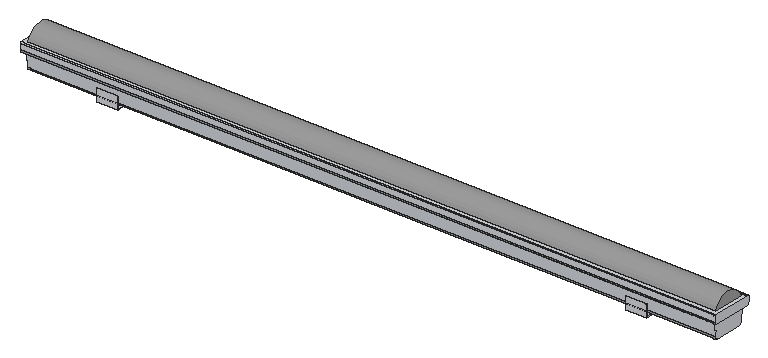
Revit family "0010271", category Lighting Fixtures, host Face, Revit 2017
Family settings
  Host = Face
  Round Connector Dimension = Use Diameter
  Part Type = Normal
  OmniClass Number = 23.80.70.00
  OmniClass Title = Lighting
  Cut with Voids When Loaded = No
  Light Source = Yes
  Shared = No
  Room Calculation Point = No
Parameters (values of type "0010271 RESISTO 1500 HE IP66 4000LM 840 EM")
  Weight = "2.51 kg"
  Wattage Comments = ""
  Wattage = 29 W
  WarrantyStartDate [instance] = "n/a"
  WarrantyGuarantorParts = "n/a"
  WarrantyDurationUnit = "n/a"
  WarrantyDurationParts = "n/a"
  WarrantyDescription = "n/a"
  WIDTH_SYL = 44.5 mm
  built-in parameter 1150110 = 1 (stored number, unit not read)
  Voltage = 0 V
  URL = "http://www.sylvania-lighting.com"
  TypeName = "Resisto 1500 HE IP66 4000lm 840 EM"
  Type Image = <None>
  Type Comments = "n/a"
  built-in parameter 1114217 = 1 (stored number, unit not read)
  Tilt Angle = -90.00°
  built-in parameter 1150109 = 1 (stored number, unit not read)
  built-in parameter 1150134 = 12
  TOP_WIDTH_SYL = 33.5 mm
  built-in parameter 1150113 = 1 (stored number, unit not read)
  SerialNumber [instance] = "n/a"
  Photometric Web File = "0010271.ies"
  Material_3_SYL = none
  PowerFactor = 0.95
  PowerConsumption = "29 W"
  NominalLength = 1500 mm
  NominalHeight = 80 mm
  NominalDepth = 87 mm
  Name = "Resisto 1500 HE IP66 4000lm 840 EM"
  ModelReference = Name  # "Resisto 1500 HE IP66 4000lm 840 EM"
  ModelNumber = "0010271"
  Model = Name  # "Resisto 1500 HE IP66 4000lm 840 EM"
  Material = "pc polycarbonate housing, pc polycarbonate diffuser"
  ManufacturerName = "Feilo Sylvania"
  Manufacturer = "Feilo Sylvania"
  MID_WIDTH_SYL = 36 mm
  LuminousEfficacy = "138 lm/W"
  built-in parameter 1150105 = 1287 (stored number, unit not read)
  Lumens = 4002 lm
  LuminaireType = ""
  built-in parameter 1150115 = 1 (stored number, unit not read)
  LightOutputRatio = "n/a"
  built-in parameter 1150137 = (empty or 0)
  built-in parameter 1150139 = (empty or 0)
  LampsType = Lamp  # "LED"
  LampNominalLuminous = "4000 lm"
  LampMacAdamStep = "3"
  LampColourTemperature = "4000 K"
  LampColourRenderingIndex = "80"
  built-in parameter 1150112 = 1 (stored number, unit not read)
  built-in parameter 1150114 = 1 (stored number, unit not read)
  Lamp = "LED"
  LENGHT_SYL = if(L1500_SYL, 742 mm, if(L1200_SYL, 592 mm, 317 mm))  # 742 mm
  LENGHT_CHAMFER_SYL = if(L1500_SYL, 750 mm, if(L1200_SYL, 600 mm, 325 mm))  # 750 mm
  LENGHT_650_SYL = 325 mm
  LENGHT-_SYL = if(L1500_SYL, -742 mm, if(L1200_SYL, -592 mm, -317 mm))  # -742 mm
  LENGHT-_CHAMFER_SYL = if(L1500_SYL, -750 mm, if(L1200_SYL, -600 mm, -325 mm))  # -750 mm
  LEGHT_650-_SYL = -325 mm
  LEGHT_1500_SYL = 750 mm
  LEGHT_1500-_SYL = -750 mm
  LEGHT_1200_SYL = 600 mm
  LEGHT_1200-_SYL = -600 mm
  L0650_SYL = no
  L1500_SYL = yes
  L1200_SYL = no
  Keynote = "16500"
  InstallationDate [instance] = "n/a"
  InputVoltage = "n/a"
  InputNominalFrequency = "n/a"
  built-in parameter 1150132 = (empty or 0)
  built-in parameter 1150102 = (empty or 0)
  built-in parameter 1150107 = 4000 (stored number, unit not read)
  built-in parameter 1150138 = (empty or 0)
  IngressProtection = "IP66"
  ImpactProtectionIndex = "IK08"
  built-in parameter 1150106 = 12.87 (stored number, unit not read)
  IfcExportType = "IfcLightFixtureType"
  IfcExportAs = "IfcLightFixtureType"
  Emit from Circle Diameter = 609.6 mm
  Emit Shape Visible in Rendering = no
  ElectricShockClassification = "Class I"
  built-in parameter 1150104 = 12.821 (stored number, unit not read)
  DocumentationLiterature = "http://www.sylvania-lighting.com/product/en-int/products/0010271"
  DimmingControlOptions = "n/a"
  Material_2_SYL = none
  Dimming Lamp Color Temperature Shift = <None>
  Description = "Resisto, integrated LED weatherproof luminaire, with UV stabilized flat diffuser designed to achieve uniform lit appearance, optimise light output and to reduce glare. 301 stainless steel diffuser clips and fixing brackets for surface mounting. Polycarbonate housing and diffuser - no yellow discolouration over time. 4000lm; 29W; 138lm/W; 4000K; SDCM<3; non dimmable; CRI80; IP66; IK08; Class I; 69,000hrs (L80B20) lifespan; 1500mm x 89mm x 88mm; D-mark; 3-hour maintained emergency batteries."
  Default Elevation = 1219.2 mm
  DIF_WIDHT_SYL = 35 mm
  DIF_HEIGHT_SYL = 24 mm
  CreatedOn = "3/10/2021"
  CreatedBy = "@sylvania-lighting.com"
  Cost = 0
  Color Filter = 16777215
  built-in parameter 1114216 [instance] = (empty or 0)
  ClassificationValue = "EF_70_80"
  ClassificationName = "Uniclass2015"
  Material_1_SYL = Default
  CHAMFER_SYL = 19 mm
  BarCode [instance] = "n/a"
  built-in parameter 1114218 = 1 (stored number, unit not read)
  BRACKET_WIDTH_SYL = BRACKET_DIST_SYL - 44 mm  # 550 mm
  BRACKET_HEIGHT_SYL = 9 mm
  BRACKET_DIST_SYL = LENGHT_CHAMFER_SYL - 156 mm  # 594 mm
  BODY_SYL = 36 mm
  built-in parameter 1150133 = 10 (stored number, unit not read)
  AssetType = "Fixed"
  AssetIdentifier [instance] = "n/a"
  Assembly Code = "D5020200"
  Apparent Load = 29 VA
  Material_4_SYL = none
Reference planes
  plane 1 "Center (Front/Back)": y = 0
  plane 2: z = 0
  plane 3 "Center (Left/Right)": x = 0
  plane 4: z = 9
  plane 5: z = 45
  plane 6: z = 64
  plane 7: z = 88
  plane 8: y = -44.5
  plane 9: y = 44.5
  plane 10: y = -35
  plane 11: y = 35
  plane 12: y = 33.5
  plane 13: y = -33.5
  plane 14: y = -36
  plane 15: y = 36
  plane 16: z = 1
Forms (mm)
  Extrusion 1, solid
    sketch origin (319, 1524, 1219.2) x (0, 1, 0) y (0, 0, 1)
      loop
        line (-1552.835, -1210.2) -> (-1495.165, -1210.2)
        arc (-1495.165, -1210.2) -> (-1491.754, -1208.856) -> (-1490.177, -1205.546) r 5
        line (-1490.177, -1205.546) -> (-1488.323, -1178.854) -> (-1488, -1174.2) -> (-1560, -1174.2) -> (-1559.677, -1178.854) -> (-1557.823, -1205.546)
        arc (-1557.823, -1205.546) -> (-1556.246, -1208.856) -> (-1552.835, -1210.2) r 5
    from -742 <- "LENGHT-_SYL" to 742 <- "LENGHT_SYL"
  Extrusion 2, solid, material "Default" <- "Material_1_SYL"
    sketch origin (319, 1524, 1219.2) x (0, 1, 0) y (0, 0, 1)
      loop
        arc (-1490.5, -1155.2) -> (-1524, -1131.2) -> (-1557.5, -1155.2) r 35.38
        line (-1557.5, -1155.2) -> (-1490.5, -1155.2)
    from -742 <- "LENGHT-_SYL" to 742 <- "LENGHT_SYL"
  Extrusion 3, solid
    sketch origin (319, 1524, 1219.2) x (0, 1, 0) y (0, 0, 1)
      loop
        line (-1481.5, -1155.2) -> (-1566.5, -1155.2)
        arc (-1566.5, -1155.2) -> (-1567.914, -1155.786) -> (-1568.5, -1157.2) r 2
        line (-1568.5, -1157.2) -> (-1568.5, -1169.2)
        arc (-1568.5, -1169.2) -> (-1567.036, -1172.736) -> (-1563.5, -1174.2) r 5
        line (-1563.5, -1174.2) -> (-1484.5, -1174.2)
        arc (-1484.5, -1174.2) -> (-1480.964, -1172.736) -> (-1479.5, -1169.2) r 5
        line (-1479.5, -1169.2) -> (-1479.5, -1157.2)
        arc (-1479.5, -1157.2) -> (-1480.086, -1155.786) -> (-1481.5, -1155.2) r 2
    from -750 <- "LENGHT-_CHAMFER_SYL" to 750 <- "LENGHT_CHAMFER_SYL"
  Extrusion 4, solid
    sketch origin (319, 1524, 1219.2) x (0, 1, 0) y (0, 0, 1)
      loop
        line (-1489, -1219.2) -> (-1489, -1192.216) -> (-1490.5, -1192.216) -> (-1490.5, -1218.2) -> (-1557.5, -1218.2) -> (-1557.5, -1192.172) -> (-1559, -1192.172) -> (-1559, -1219.2) -> (-1489, -1219.2)
    from 550 <- "BRACKET_WIDTH_SYL" to 594 <- "BRACKET_DIST_SYL"
  Extrusion 5, solid
    sketch origin (321, 1524, 1219.2) x (0, 1, 0) y (0, 0, -1)
      loop
        line (-1489, 1219.2) -> (-1559, 1219.2) -> (-1559, 1192.172) -> (-1557.5, 1192.172) -> (-1557.5, 1218.2) -> (-1490.5, 1218.2) -> (-1490.5, 1192.216) -> (-1489, 1192.216) -> (-1489, 1219.2)
    from 550 <- "BRACKET_WIDTH_SYL" to 594 <- "BRACKET_DIST_SYL"
Dimensions and locks
  "BRACKET_HEIGHT_SYL": plane 4 to host face
  "BODY_SYL": plane 4 to plane 5
  "CHAMFER_SYL": plane 5 to plane 6
  "DIF_HEIGHT_SYL": plane 6 to plane 7
  "WIDTH_SYL": plane 9 to plane 1 "Center (Front/Back)" to plane 8
  "DIF_WIDHT_SYL": plane 11 to plane 1 "Center (Front/Back)" to plane 10
  "TOP_WIDTH_SYL": plane 12 to plane 1 "Center (Front/Back)" to plane 13
  "MID_WIDTH_SYL": plane 15 to plane 1 "Center (Front/Back)" to plane 14
  aligned and locked: plane 2 to host face
  aligned and locked: level to host face
  aligned and locked: Extrusion 3 sketch curve to plane 6
  aligned and locked: Extrusion 3 sketch curve to plane 9
  aligned and locked: plane 5 to Extrusion 3 sketch curve
  aligned and locked: plane 8 to Extrusion 3 sketch curve
Automatic sketch dimensions
  host sketch curve to host sketch curve = 2438.4 mm  (x2)
  plane 5 to Extrusion 1 sketch curve = 0 mm
  Extrusion 1 sketch curve to plane 14 = 0 mm
  plane 4 to Extrusion 1 sketch curve = 0 mm
  Extrusion 1 sketch curve to plane 15 = 0 mm
  Extrusion 1 sketch curve to plane 14 = 0.323 mm
  plane 13 to Extrusion 1 sketch curve = 0.323 mm
  Extrusion 1 sketch curve to plane 13 = 4.665 mm
  plane 12 to Extrusion 1 sketch curve = 4.665 mm
  Extrusion 1 sketch curve to plane 12 = 0.323 mm
  plane 15 to Extrusion 1 sketch curve = 0.323 mm
  Extrusion 1 sketch curve to plane 4 = 4.654 mm  (x2)
  plane 5 to Extrusion 1 sketch curve = 4.654 mm  (x2)
  plane 6 to Extrusion 2 sketch curve = 0 mm
  Extrusion 2 sketch curve to plane 13 = 0 mm
  Extrusion 2 sketch curve to plane 1 "Center (Front/Back)" = 0 mm
  Extrusion 2 sketch curve to plane 5 = 7.62 mm
  Extrusion 3 sketch curve to plane 8 = 2 mm
  plane 14 to Extrusion 3 sketch curve = 3.5 mm
  Extrusion 3 sketch curve to plane 15 = 3.5 mm
  plane 6 to Extrusion 3 sketch curve = 2 mm
  Extrusion 4 sketch curve to level = 0 mm
  Extrusion 4 sketch curve to plane 10 = 0 mm
  Extrusion 4 sketch curve to plane 13 = 0 mm
  Extrusion 4 sketch curve to plane 12 = 0 mm
  Extrusion 4 sketch curve to plane 11 = 0 mm
  plane 16 to Extrusion 4 sketch curve = 0 mm
  Extrusion 4 sketch curve to plane 4 = 17.984 mm
  plane 5 to Extrusion 4 sketch curve = 17.972 mm
  Extrusion 5 sketch curve to level = 0 mm
  Extrusion 5 sketch curve to plane 10 = 0 mm
  Extrusion 5 sketch curve to plane 13 = 0 mm
  Extrusion 5 sketch curve to plane 12 = 0 mm
  Extrusion 5 sketch curve to plane 11 = 0 mm
  plane 16 to Extrusion 5 sketch curve = 0 mm
  Extrusion 5 sketch curve to plane 4 = 17.984 mm
  plane 5 to Extrusion 5 sketch curve = 17.972 mm
Connectors
  electrical at (-423, 0, 27)
    settings: on Extrusion 1, index 1, voltage 0 V, apparent load 0 VA, apparent load phase1 0 VA, apparent load phase2 0 VA, apparent load phase3 0 VA, power factor 1, load classification "Other", number of poles 1, system type 31, power factor state 1, is connector primary yes, connector utility no, sub classification motor no, connector description ""
Types (60, lengths in mm): name | Weight | Wattage | TypeName | built-in parameter 1150134 | Photometric Web File | PowerFactor | PowerConsumption | NominalLength | Name | ModelReference | ModelNumber | Model | LuminousEfficacy | built-in parameter 1150105 | Lumens | LampNominalLuminous | LampMacAdamStep | LampColourTemperature | LENGHT_SYL | LENGHT_CHAMFER_SYL | LENGHT-_SYL | LENGHT-_CHAMFER_SYL | L0650_SYL | L1500_SYL | L1200_SYL | built-in parameter 1150107 | built-in parameter 1150106 | built-in parameter 1150104 | DocumentationLiterature | Description | BRACKET_WIDTH_SYL | BRACKET_DIST_SYL | Apparent Load
  0010278 RESISTO 1500 HE IP66 8300LM 840 | "1.95 kg" | 54 W | "Resisto 1500 HE IP66 8300lm 840" | 12 | "0010278.ies" | 0.95 | "54 W" | 1500 | "Resisto 1500 HE IP66 8300lm 840" | "Resisto 1500 HE IP66 8300lm 840" | "0010278" | "Resisto 1500 HE IP66 8300lm 840" | "154 lm/W" | 2674.3 (stored number, unit not read) | 8316 lm | "8300 lm" | "3" | "4000 K" | 742 | 750 | -742 | -750 | no | yes | no | 4000 (stored number, unit not read) | 26.743 (stored number, unit not read) | 14.307 (stored number, unit not read) | "http://www.sylvania-lighting.com/product/en-int/products/0010278" | "Resisto, integrated LED weatherproof luminaire, with UV stabilized flat diffuser designed to achieve uniform lit appearance, optimise light output and to reduce glare. 301 stainless steel diffuser clips and fixing brackets for surface mounting. Polycarbonate housing and diffuser - no yellow discolouration over time. 8300lm; 54W; 154lm/W; 4000K; SDCM<3; non dimmable; CRI80; IP66; IK08; Class I; 69,000hrs (L80B20) lifespan; 1500mm x 89mm x 88mm; D-mark." | 550 | 594 | 54 VA
  0010274 RESISTO 1500 HE IP66 DALI 7100LM 840 | "2.01 kg" | 46 W | "Resisto 1500 HE IP66 DALI 7100lm 840" | 12 | "0010274.ies" | 0.98 | "46 W" | 1500 | "Resisto 1500 HE IP66 DALI 7100lm 840" | "Resisto 1500 HE IP66 DALI 7100lm 840" | "0010274" | "Resisto 1500 HE IP66 DALI 7100lm 840" | "154 lm/W" | 2362.2 (stored number, unit not read) | 7084 lm | "7100 lm" | "3" | "4000 K" | 742 | 750 | -742 | -750 | no | yes | no | 4000 (stored number, unit not read) | 23.622 (stored number, unit not read) | 14.307 (stored number, unit not read) | "http://www.sylvania-lighting.com/product/en-int/products/0010274" | "Resisto, integrated LED weatherproof luminaire, with UV stabilized flat diffuser designed to achieve uniform lit appearance, optimise light output and to reduce glare. 301 stainless steel diffuser clips and fixing brackets for surface mounting. Polycarbonate housing and diffuser - no yellow discolouration over time. 7100lm; 46W; 154lm/W; 4000K; SDCM<3; DALI dimmable; CRI80; IP66; IK08; Class I; 69,000hrs (L80B20) lifespan; 1500mm x 89mm x 88mm; D-mark." | 550 | 594 | 46 VA
  0010273 RESISTO 1500 HE IP66 DALI 4000LM 840 | "1.95 kg" | 25 W | "Resisto 1500 HE IP66 DALI 4000lm 840" | 12 | "0010273.ies" | 0.98 | "25 W" | 1500 | "Resisto 1500 HE IP66 DALI 4000lm 840" | "Resisto 1500 HE IP66 DALI 4000lm 840" | "0010273" | "Resisto 1500 HE IP66 DALI 4000lm 840" | "160 lm/W" | 1286.3 (stored number, unit not read) | 4000 lm | "4000 lm" | "3" | "4000 K" | 742 | 750 | -742 | -750 | no | yes | no | 4000 (stored number, unit not read) | 12.863 (stored number, unit not read) | 14.864 (stored number, unit not read) | "http://www.sylvania-lighting.com/product/en-int/products/0010273" | "Resisto, integrated LED weatherproof luminaire, with UV stabilized flat diffuser designed to achieve uniform lit appearance, optimise light output and to reduce glare. 301 stainless steel diffuser clips and fixing brackets for surface mounting. Polycarbonate housing and diffuser - no yellow discolouration over time. 4000lm; 25W; 160lm/W; 4000K; SDCM<3; DALI dimmable; CRI80; IP66; IK08; Class I; 69,000hrs (L80B20) lifespan; 1500mm x 89mm x 88mm; D-mark." | 550 | 594 | 25 VA
  0010272 RESISTO 1500 HE IP66 7100LM 840 EM | "2.58 kg" | 50 W | "Resisto 1500 HE IP66 7100lm 840 EM" | 12 | "0010272.ies" | 0.95 | "50 W" | 1500 | "Resisto 1500 HE IP66 7100lm 840 EM" | "Resisto 1500 HE IP66 7100lm 840 EM" | "0010272" | "Resisto 1500 HE IP66 7100lm 840 EM" | "142 lm/W" | 2367.5 (stored number, unit not read) | 7100 lm | "7100 lm" | "3" | "4000 K" | 742 | 750 | -742 | -750 | no | yes | no | 4000 (stored number, unit not read) | 23.675 (stored number, unit not read) | 13.192 (stored number, unit not read) | "http://www.sylvania-lighting.com/product/en-int/products/0010272" | "Resisto, integrated LED weatherproof luminaire, with UV stabilized flat diffuser designed to achieve uniform lit appearance, optimise light output and to reduce glare. 301 stainless steel diffuser clips and fixing brackets for surface mounting. Polycarbonate housing and diffuser - no yellow discolouration over time. 7100lm; 50W; 142lm/W; 4000K; SDCM<3; non dimmable; CRI80; IP66; IK08; Class I; 69,000hrs (L80B20) lifespan; 1500mm x 89mm x 88mm; D-mark; 3-hour maintained emergency batteries." | 550 | 594 | 50 VA
  0010271 RESISTO 1500 HE IP66 4000LM 840 EM | "2.51 kg" | 29 W | "Resisto 1500 HE IP66 4000lm 840 EM" | 12 | "0010271.ies" | 0.95 | "29 W" | 1500 | "Resisto 1500 HE IP66 4000lm 840 EM" | "Resisto 1500 HE IP66 4000lm 840 EM" | "0010271" | "Resisto 1500 HE IP66 4000lm 840 EM" | "138 lm/W" | 1287 (stored number, unit not read) | 4002 lm | "4000 lm" | "3" | "4000 K" | 742 | 750 | -742 | -750 | no | yes | no | 4000 (stored number, unit not read) | 12.87 (stored number, unit not read) | 12.821 (stored number, unit not read) | "http://www.sylvania-lighting.com/product/en-int/products/0010271" | "Resisto, integrated LED weatherproof luminaire, with UV stabilized flat diffuser designed to achieve uniform lit appearance, optimise light output and to reduce glare. 301 stainless steel diffuser clips and fixing brackets for surface mounting. Polycarbonate housing and diffuser - no yellow discolouration over time. 4000lm; 29W; 138lm/W; 4000K; SDCM<3; non dimmable; CRI80; IP66; IK08; Class I; 69,000hrs (L80B20) lifespan; 1500mm x 89mm x 88mm; D-mark; 3-hour maintained emergency batteries." | 550 | 594 | 29 VA
  0010269 RESISTO 1500 HE IP66 7100LM 840 | "1.95 kg" | 46 W | "Resisto  1500 HE IP66 7100lm 840" | 12 | "0010269.ies" | 0.95 | "46 W" | 1500 | "Resisto  1500 HE IP66 7100lm 840" | "Resisto  1500 HE IP66 7100lm 840" | "0010269" | "Resisto  1500 HE IP66 7100lm 840" | "154 lm/W" | 2362.2 (stored number, unit not read) | 7084 lm | "7100 lm" | "3" | "4000 K" | 742 | 750 | -742 | -750 | no | yes | no | 4000 (stored number, unit not read) | 23.622 (stored number, unit not read) | 14.307 (stored number, unit not read) | "http://www.sylvania-lighting.com/product/en-int/products/0010269" | "Resisto, integrated LED weatherproof luminaire, with UV stabilized flat diffuser designed to achieve uniform lit appearance, optimise light output and to reduce glare. 301 stainless steel diffuser clips and fixing brackets for surface mounting. Polycarbonate housing and diffuser - no yellow discolouration over time. 7100lm; 46W; 154lm/W; 4000K; SDCM<3; non dimmable; CRI80; IP66; IK08; Class I; 69,000hrs (L80B20) lifespan; 1500mm x 89mm x 88mm; D-mark." | 550 | 594 | 46 VA
  0010268 RESISTO 1500 HE IP66 4000LM 840 | "1.87 kg" | 25 W | "Resisto  1500 HE IP66 4000lm 840" | 12 | "0010268.ies" | 0.95 | "25 W" | 1500 | "Resisto  1500 HE IP66 4000lm 840" | "Resisto  1500 HE IP66 4000lm 840" | "0010268" | "Resisto  1500 HE IP66 4000lm 840" | "160 lm/W" | 1286.3 (stored number, unit not read) | 4000 lm | "4000 lm" | "3" | "4000 K" | 742 | 750 | -742 | -750 | no | yes | no | 4000 (stored number, unit not read) | 12.863 (stored number, unit not read) | 14.864 (stored number, unit not read) | "http://www.sylvania-lighting.com/product/en-int/products/0010268" | "Resisto, integrated LED weatherproof luminaire, with UV stabilized flat diffuser designed to achieve uniform lit appearance, optimise light output and to reduce glare. 301 stainless steel diffuser clips and fixing brackets for surface mounting. Polycarbonate housing and diffuser - no yellow discolouration over time. 4000lm; 25W; 160lm/W; 4000K; SDCM<3; non dimmable; CRI80; IP66; IK08; Class I; 69,000hrs (L80B20) lifespan; 1500mm x 89mm x 88mm; D-mark." | 550 | 594 | 25 VA
  0010261 RESISTO 1500 IP66 DALI 8300LM 840 | "2.01 kg" | 61 W | "Resisto  1500 IP66 DALI 8300lm 840" | 12 | "0010261.ies" | 0.99 | "61 W" | 1500 | "Resisto  1500 IP66 DALI 8300lm 840" | "Resisto  1500 IP66 DALI 8300lm 840" | "0010261" | "Resisto  1500 IP66 DALI 8300lm 840" | "136 lm/W" | 2792.8 (stored number, unit not read) | 8296 lm | "8300 lm" | "5" | "4000 K" | 742 | 750 | -742 | -750 | no | yes | no | 4000 (stored number, unit not read) | 27.928 (stored number, unit not read) | 12.635 (stored number, unit not read) | "http://www.sylvania-lighting.com/product/en-int/products/0010261" | "Resisto, integrated LED weatherproof luminaire, with UV stabilized flat diffuser designed to achieve uniform lit appearance, optimise light output and to reduce glare. 301 stainless steel diffuser clips and fixing brackets for surface mounting. Polycarbonate housing and diffuser - no yellow discolouration over time. 8300lm; 61W; 136lm/W; 4000K; SDCM<5; DALI dimmable; CRI80; IP66; IK08; Class I; 69,000hrs (L80B20) lifespan; 1500mm x 89mm x 88mm; D-mark." | 550 | 594 | 61 VA
  0010260 RESISTO 1500 IP66 DALI 7100LM 840 | "2.01 kg" | 52 W | "Resisto  1500 IP66 DALI 7100lm 840" | 12 | "0010260.ies" | 0.99 | "52 W" | 1500 | "Resisto  1500 IP66 DALI 7100lm 840" | "Resisto  1500 IP66 DALI 7100lm 840" | "0010260" | "Resisto  1500 IP66 DALI 7100lm 840" | "137 lm/W" | 2375.5 (stored number, unit not read) | 7124 lm | "7100 lm" | "5" | "4000 K" | 742 | 750 | -742 | -750 | no | yes | no | 4000 (stored number, unit not read) | 23.755 (stored number, unit not read) | 12.728 (stored number, unit not read) | "http://www.sylvania-lighting.com/product/en-int/products/0010260" | "Resisto, integrated LED weatherproof luminaire, with UV stabilized flat diffuser designed to achieve uniform lit appearance, optimise light output and to reduce glare. 301 stainless steel diffuser clips and fixing brackets for surface mounting. Polycarbonate housing and diffuser - no yellow discolouration over time. 7100lm; 52W; 137lm/W; 4000K; SDCM<5; DALI dimmable; CRI80; IP66; IK08; Class I; 69,000hrs (L80B20) lifespan; 1500mm x 89mm x 88mm; D-mark." | 550 | 594 | 52 VA
  0010259 RESISTO 1500 IP66 DALI 4000LM 840 | "1.95 kg" | 30 W | "Resisto  1500 IP66 DALI 4000lm 840" | 12 | "0010259.ies" | 0.98 | "30 W" | 1500 | "Resisto  1500 IP66 DALI 4000lm 840" | "Resisto  1500 IP66 DALI 4000lm 840" | "0010259" | "Resisto  1500 IP66 DALI 4000lm 840" | "133 lm/W" | 1283.1 (stored number, unit not read) | 3990 lm | "4000 lm" | "5" | "4000 K" | 742 | 750 | -742 | -750 | no | yes | no | 4000 (stored number, unit not read) | 12.831 (stored number, unit not read) | 12.356 (stored number, unit not read) | "http://www.sylvania-lighting.com/product/en-int/products/0010259" | "Resisto, integrated LED weatherproof luminaire, with UV stabilized flat diffuser designed to achieve uniform lit appearance, optimise light output and to reduce glare. 301 stainless steel diffuser clips and fixing brackets for surface mounting. Polycarbonate housing and diffuser - no yellow discolouration over time. 4000lm; 30W; 133lm/W; 4000K; SDCM<5; DALI dimmable; CRI80; IP66; IK08; Class I; 69,000hrs (L80B20) lifespan; 1500mm x 89mm x 88mm; D-mark." | 550 | 594 | 30 VA
  0010258 RESISTO 1500 IP66 MWCOR 7100LM 840 | "2.06 kg" | 52 W | "Resisto  1500 IP66 MWcor 7100lm 840" | 12 | "0010258.ies" | 0.99 | "52 W" | 1500 | "Resisto  1500 IP66 MWcor 7100lm 840" | "Resisto  1500 IP66 MWcor 7100lm 840" | "0010258" | "Resisto  1500 IP66 MWcor 7100lm 840" | "137 lm/W" | 2375.5 (stored number, unit not read) | 7124 lm | "7100 lm" | "5" | "4000 K" | 742 | 750 | -742 | -750 | no | yes | no | 4000 (stored number, unit not read) | 23.755 (stored number, unit not read) | 12.728 (stored number, unit not read) | "http://www.sylvania-lighting.com/product/en-int/products/0010258" | "Resisto, integrated LED weatherproof luminaire, with UV stabilized flat diffuser designed to achieve uniform lit appearance, optimise light output and to reduce glare. 301 stainless steel diffuser clips and fixing brackets for surface mounting. Polycarbonate housing and diffuser - no yellow discolouration over time. 7100lm; 52W; 137lm/W; 4000K; SDCM<5; non dimmable; CRI80; IP66; IK08; Class I; 69,000hrs (L80B20) lifespan; 1500mm x 89mm x 88mm; D-mark; corridor function with microwave presence sensor." | 550 | 594 | 52 VA
  0010257 RESISTO 1500 IP66 MWCOR 4000LM 840 | "2.0 kg" | 30 W | "Resisto  1500 IP66 MWcor 4000lm 840" | 12 | "0010257.ies" | 0.98 | "30 W" | 1500 | "Resisto  1500 IP66 MWcor 4000lm 840" | "Resisto  1500 IP66 MWcor 4000lm 840" | "0010257" | "Resisto  1500 IP66 MWcor 4000lm 840" | "133 lm/W" | 1283.1 (stored number, unit not read) | 3990 lm | "4000 lm" | "5" | "4000 K" | 742 | 750 | -742 | -750 | no | yes | no | 4000 (stored number, unit not read) | 12.831 (stored number, unit not read) | 12.356 (stored number, unit not read) | "http://www.sylvania-lighting.com/product/en-int/products/0010257" | "Resisto, integrated LED weatherproof luminaire, with UV stabilized flat diffuser designed to achieve uniform lit appearance, optimise light output and to reduce glare. 301 stainless steel diffuser clips and fixing brackets for surface mounting. Polycarbonate housing and diffuser - no yellow discolouration over time. 4000lm; 30W; 133lm/W; 4000K; SDCM<5; non dimmable; CRI80; IP66; IK08; Class I; 69,000hrs (L80B20) lifespan; 1500mm x 89mm x 88mm; D-mark; corridor function with microwave presence sensor." | 550 | 594 | 30 VA
  0010256 RESISTO 1500 IP66 MW 7100LM 840 | "2.0 kg" | 52 W | "Resisto  1500 IP66 MW 7100lm 840" | 12 | "0010256.ies" | 0.95 | "52 W" | 1500 | "Resisto  1500 IP66 MW 7100lm 840" | "Resisto  1500 IP66 MW 7100lm 840" | "0010256" | "Resisto  1500 IP66 MW 7100lm 840" | "137 lm/W" | 2375.5 (stored number, unit not read) | 7124 lm | "7100 lm" | "5" | "4000 K" | 742 | 750 | -742 | -750 | no | yes | no | 4000 (stored number, unit not read) | 23.755 (stored number, unit not read) | 12.728 (stored number, unit not read) | "http://www.sylvania-lighting.com/product/en-int/products/0010256" | "Resisto, integrated LED weatherproof luminaire, with UV stabilized flat diffuser designed to achieve uniform lit appearance, optimise light output and to reduce glare. 301 stainless steel diffuser clips and fixing brackets for surface mounting. Polycarbonate housing and diffuser - no yellow discolouration over time. 7100lm; 52W; 137lm/W; 4000K; SDCM<5; non dimmable; CRI80; IP66; IK08; Class I; 69,000hrs (L80B20) lifespan; 1500mm x 89mm x 88mm; D-mark; MW On/Off." | 550 | 594 | 52 VA
  0010255 RESISTO 1500 IP66 MW 4000LM 840 | "1.92 kg" | 30 W | "Resisto  1500 IP66 MW 4000lm 840" | 12 | "0010255.ies" | 0.95 | "30 W" | 1500 | "Resisto  1500 IP66 MW 4000lm 840" | "Resisto  1500 IP66 MW 4000lm 840" | "0010255" | "Resisto  1500 IP66 MW 4000lm 840" | "133 lm/W" | 1283.1 (stored number, unit not read) | 3990 lm | "4000 lm" | "5" | "4000 K" | 742 | 750 | -742 | -750 | no | yes | no | 4000 (stored number, unit not read) | 12.831 (stored number, unit not read) | 12.356 (stored number, unit not read) | "http://www.sylvania-lighting.com/product/en-int/products/0010255" | "Resisto, integrated LED weatherproof luminaire, with UV stabilized flat diffuser designed to achieve uniform lit appearance, optimise light output and to reduce glare. 301 stainless steel diffuser clips and fixing brackets for surface mounting. Polycarbonate housing and diffuser - no yellow discolouration over time. 4000lm; 30W; 133lm/W; 4000K; SDCM<5; non dimmable; CRI80; IP66; IK08; Class I; 69,000hrs (L80B20) lifespan; 1500mm x 89mm x 88mm; D-mark; MW On/Off." | 550 | 594 | 30 VA
  0010254 RESISTO 1500 IP66 7100LM 840 EM | "2.59 kg" | 56 W | "Resisto  1500 IP66 7100lm 840 EM" | 12 | "0010254.ies" | 0.95 | "56 W" | 1500 | "Resisto  1500 IP66 7100lm 840 EM" | "Resisto  1500 IP66 7100lm 840 EM" | "0010254" | "Resisto  1500 IP66 7100lm 840 EM" | "127 lm/W" | 2371.5 (stored number, unit not read) | 7112 lm | "7100 lm" | "5" | "4000 K" | 742 | 750 | -742 | -750 | no | yes | no | 4000 (stored number, unit not read) | 23.715 (stored number, unit not read) | 11.799 (stored number, unit not read) | "http://www.sylvania-lighting.com/product/en-int/products/0010254" | "Resisto, integrated LED weatherproof luminaire, with UV stabilized flat diffuser designed to achieve uniform lit appearance, optimise light output and to reduce glare. 301 stainless steel diffuser clips and fixing brackets for surface mounting. Polycarbonate housing and diffuser - no yellow discolouration over time. 7100lm; 56W; 127lm/W; 4000K; SDCM<5; non dimmable; CRI80; IP66; IK08; Class I; 69,000hrs (L80B20) lifespan; 1500mm x 89mm x 88mm; D-mark; 3-hour maintained emergency batteries." | 550 | 594 | 56 VA
  0010253 RESISTO 1500 IP66 4000LM 840 EM | "2.5 kg" | 34 W | "Resisto  1500 IP66 4000lm 840 EM" | 12 | "0010253.ies" | 0.95 | "34 W" | 1500 | "Resisto  1500 IP66 4000lm 840 EM" | "Resisto  1500 IP66 4000lm 840 EM" | "0010253" | "Resisto  1500 IP66 4000lm 840 EM" | "118 lm/W" | 1290.2 (stored number, unit not read) | 4012 lm | "4000 lm" | "5" | "4000 K" | 742 | 750 | -742 | -750 | no | yes | no | 4000 (stored number, unit not read) | 12.902 (stored number, unit not read) | 10.963 (stored number, unit not read) | "http://www.sylvania-lighting.com/product/en-int/products/0010253" | "Resisto, integrated LED weatherproof luminaire, with UV stabilized flat diffuser designed to achieve uniform lit appearance, optimise light output and to reduce glare. 301 stainless steel diffuser clips and fixing brackets for surface mounting. Polycarbonate housing and diffuser - no yellow discolouration over time. 4000lm; 34W; 118lm/W; 4000K; SDCM<5; non dimmable; CRI80; IP66; IK08; Class I; 69,000hrs (L80B20) lifespan; 1500mm x 89mm x 88mm; D-mark; 3-hour maintained emergency batteries." | 550 | 594 | 34 VA
  0010252 RESISTO 1500 IP66 7100LM 840 5XTH | "2.18 kg" | 52 W | "Resisto 1500 IP66 7100lm 840 5xTH" | 12 | "0010252.ies" | 0.95 | "52 W" | 1500 | "Resisto 1500 IP66 7100lm 840 5xTH" | "Resisto 1500 IP66 7100lm 840 5xTH" | "0010252" | "Resisto 1500 IP66 7100lm 840 5xTH" | "137 lm/W" | 2375.5 (stored number, unit not read) | 7124 lm | "7100 lm" | "5" | "4000 K" | 742 | 750 | -742 | -750 | no | yes | no | 4000 (stored number, unit not read) | 23.755 (stored number, unit not read) | 12.728 (stored number, unit not read) | "http://www.sylvania-lighting.com/product/en-int/products/0010252" | "Resisto, integrated LED weatherproof luminaire, with UV stabilized flat diffuser designed to achieve uniform lit appearance, optimise light output and to reduce glare. 301 stainless steel diffuser clips and fixing brackets for surface mounting. Polycarbonate housing and diffuser - no yellow discolouration over time. 7100lm; 52W; 137lm/W; 4000K; SDCM<5; non dimmable; CRI80; IP66; IK08; Class I; 69,000hrs (L80B20) lifespan; 1500mm x 89mm x 88mm; D-mark; through wiring." | 550 | 594 | 52 VA
  0010251 RESISTO 1500 IP66 4000LM 840 5XTH | "2.1 kg" | 30 W | "Resisto 1500 IP66 4000lm 840 5xTH" | 12 | "0010251.ies" | 0.95 | "30 W" | 1500 | "Resisto 1500 IP66 4000lm 840 5xTH" | "Resisto 1500 IP66 4000lm 840 5xTH" | "0010251" | "Resisto 1500 IP66 4000lm 840 5xTH" | "133 lm/W" | 1283.1 (stored number, unit not read) | 3990 lm | "4000 lm" | "5" | "4000 K" | 742 | 750 | -742 | -750 | no | yes | no | 4000 (stored number, unit not read) | 12.831 (stored number, unit not read) | 12.356 (stored number, unit not read) | "http://www.sylvania-lighting.com/product/en-int/products/0010251" | "Resisto, integrated LED weatherproof luminaire, with UV stabilized flat diffuser designed to achieve uniform lit appearance, optimise light output and to reduce glare. 301 stainless steel diffuser clips and fixing brackets for surface mounting. Polycarbonate housing and diffuser - no yellow discolouration over time. 4000lm; 30W; 133lm/W; 4000K; SDCM<5; non dimmable; CRI80; IP66; IK08; Class I; 69,000hrs (L80B20) lifespan; 1500mm x 89mm x 88mm; D-mark; through wiring." | 550 | 594 | 30 VA
  0010250 RESISTO 1500 IP66 7100LM 840 QC | "2.02 kg" | 52 W | "Resisto  1500 IP66 7100lm 840 QC" | 12 | "0010250.ies" | 0.95 | "52 W" | 1512 | "Resisto  1500 IP66 7100lm 840 QC" | "Resisto  1500 IP66 7100lm 840 QC" | "0010250" | "Resisto  1500 IP66 7100lm 840 QC" | "137 lm/W" | 2375.5 (stored number, unit not read) | 7124 lm | "7100 lm" | "5" | "4000 K" | 742 | 750 | -742 | -750 | no | yes | no | 4000 (stored number, unit not read) | 23.755 (stored number, unit not read) | 12.728 (stored number, unit not read) | "http://www.sylvania-lighting.com/product/en-int/products/0010250" | "Resisto, integrated LED weatherproof luminaire, with UV stabilized flat diffuser designed to achieve uniform lit appearance, optimise light output and to reduce glare. 301 stainless steel diffuser clips and fixing brackets for surface mounting. Polycarbonate housing and diffuser - no yellow discolouration over time. 7100lm; 52W; 137lm/W; 4000K; SDCM<5; non dimmable; CRI80; IP66; IK08; Class I; 69,000hrs (L80B20) lifespan; 1500mm x 89mm x 88mm; D-mark; assembled with quick connector." | 550 | 594 | 52 VA
  0010249 RESISTO 1500 IP66 4000LM 840 QC | "1.94 kg" | 30 W | "Resisto  1500 IP66 4000lm 840 QC" | 12 | "0010249.ies" | 0.95 | "30 W" | 1512 | "Resisto  1500 IP66 4000lm 840 QC" | "Resisto  1500 IP66 4000lm 840 QC" | "0010249" | "Resisto  1500 IP66 4000lm 840 QC" | "133 lm/W" | 1283.1 (stored number, unit not read) | 3990 lm | "4000 lm" | "5" | "4000 K" | 742 | 750 | -742 | -750 | no | yes | no | 4000 (stored number, unit not read) | 12.831 (stored number, unit not read) | 12.356 (stored number, unit not read) | "http://www.sylvania-lighting.com/product/en-int/products/0010249" | "Resisto, integrated LED weatherproof luminaire, with UV stabilized flat diffuser designed to achieve uniform lit appearance, optimise light output and to reduce glare. 301 stainless steel diffuser clips and fixing brackets for surface mounting. Polycarbonate housing and diffuser - no yellow discolouration over time. 4000lm; 30W; 133lm/W; 4000K; SDCM<5; non dimmable; CRI80; IP66; IK08; Class I; 69,000hrs (L80B20) lifespan; 1500mm x 89mm x 88mm; D-mark; assembled with quick connector." | 550 | 594 | 30 VA
  0010248 RESISTO 1500 IP66 8300LM 865 | "1.95 kg" | 61 W | "Resisto  1500 IP66 8300lm 865" | 1 | "0010248.ies" | 0.95 | "61 W" | 1500 | "Resisto  1500 IP66 8300lm 865" | "Resisto  1500 IP66 8300lm 865" | "0010248" | "Resisto  1500 IP66 8300lm 865" | "136 lm/W" | 2792.8 (stored number, unit not read) | 8296 lm | "8300 lm" | "5" | "6500 K" | 742 | 750 | -742 | -750 | no | yes | no | 6500 (stored number, unit not read) | 27.928 (stored number, unit not read) | 12.635 (stored number, unit not read) | "http://www.sylvania-lighting.com/product/en-int/products/0010248" | "Resisto, integrated LED weatherproof luminaire, with UV stabilized flat diffuser designed to achieve uniform lit appearance, optimise light output and to reduce glare. 301 stainless steel diffuser clips and fixing brackets for surface mounting. Polycarbonate housing and diffuser - no yellow discolouration over time. 8300lm; 61W; 136lm/W; 6500K; SDCM<5; non dimmable; CRI80; IP66; IK08; Class I; 69,000hrs (L80B20) lifespan; 1500mm x 89mm x 88mm; D-mark." | 550 | 594 | 61 VA
  0010247 RESISTO 1500 IP66 7100LM 865 | "1.95 kg" | 52 W | "Resisto  1500 IP66 7100lm 865" | 1 | "0010247.ies" | 0.95 | "52 W" | 1500 | "Resisto  1500 IP66 7100lm 865" | "Resisto  1500 IP66 7100lm 865" | "0010247" | "Resisto  1500 IP66 7100lm 865" | "137 lm/W" | 2375.5 (stored number, unit not read) | 7124 lm | "7100 lm" | "5" | "6500 K" | 742 | 750 | -742 | -750 | no | yes | no | 6500 (stored number, unit not read) | 23.755 (stored number, unit not read) | 12.728 (stored number, unit not read) | "http://www.sylvania-lighting.com/product/en-int/products/0010247" | "Resisto, integrated LED weatherproof luminaire, with UV stabilized flat diffuser designed to achieve uniform lit appearance, optimise light output and to reduce glare. 301 stainless steel diffuser clips and fixing brackets for surface mounting. Polycarbonate housing and diffuser - no yellow discolouration over time. 7100lm; 52W; 137lm/W; 6500K; SDCM<5; non dimmable; CRI80; IP66; IK08; Class I; 69,000hrs (L80B20) lifespan; 1500mm x 89mm x 88mm; D-mark." | 550 | 594 | 52 VA
  0010246 RESISTO 1500 IP66 4000LM 865 | "1.87 kg" | 30 W | "Resisto  1500 IP66 4000lm 865" | 1 | "0010246.ies" | 0.95 | "30 W" | 1500 | "Resisto  1500 IP66 4000lm 865" | "Resisto  1500 IP66 4000lm 865" | "0010246" | "Resisto  1500 IP66 4000lm 865" | "133 lm/W" | 1283.1 (stored number, unit not read) | 3990 lm | "4000 lm" | "5" | "6500 K" | 742 | 750 | -742 | -750 | no | yes | no | 6500 (stored number, unit not read) | 12.831 (stored number, unit not read) | 12.356 (stored number, unit not read) | "http://www.sylvania-lighting.com/product/en-int/products/0010246" | "Resisto, integrated LED weatherproof luminaire, with UV stabilized flat diffuser designed to achieve uniform lit appearance, optimise light output and to reduce glare. 301 stainless steel diffuser clips and fixing brackets for surface mounting. Polycarbonate housing and diffuser - no yellow discolouration over time. 4000lm; 30W; 133lm/W; 6500K; SDCM<5; non dimmable; CRI80; IP66; IK08; Class I; 69,000hrs (L80B20) lifespan; 1500mm x 89mm x 88mm; D-mark." | 550 | 594 | 30 VA
  0010245 RESISTO 1500 IP66 8300LM 840 | "15.48 kg" | 61 W | "Resisto  1500 IP66 8300lm 840" | 12 | "0010245.ies" | 0.95 | "61.0 W" | 1500 | "Resisto  1500 IP66 8300lm 840" | "Resisto  1500 IP66 8300lm 840" | "0010245" | "Resisto  1500 IP66 8300lm 840" | "136 lm/W" | -23179853.6 (stored number, unit not read) | 8296 lm | "8300 lm" | "5" | "4000 K" | 742 | 750 | -742 | -750 | no | yes | no | 4000 (stored number, unit not read) | -231798.5 (stored number, unit not read) | 12.635 (stored number, unit not read) | "http://www.sylvania-lighting.com/product/en-int/products/0010245" | "Resisto, integrated LED weatherproof luminaire, with UV stabilized flat diffuser designed to achieve uniform lit appearance, optimise light output and to reduce glare. 301 stainless steel diffuser clips and fixing brackets for surface mounting. Polycarbonate housing and diffuser - no yellow discolouration over time. 8300lm; 61W; 136lm/W; 4000K; SDCM<5; non dimmable; CRI80; IP66; IK08; Class I; 69,000hrs (L80B20) lifespan; 1500mm x 89mm x 88mm; D-mark." | 550 | 594 | 61 VA
  0010244 RESISTO 1500 IP66 7100LM 840 | "15.48 kg" | 52 W | "Resisto  1500 IP66 7100lm 840" | 12 | "0010244.ies" | 0.95 | "52.0 W" | 1500 | "Resisto  1500 IP66 7100lm 840" | "Resisto  1500 IP66 7100lm 840" | "0010244" | "Resisto  1500 IP66 7100lm 840" | "137 lm/W" | -16865856.3 (stored number, unit not read) | 7124 lm | "7100 lm" | "5" | "4000 K" | 742 | 750 | -742 | -750 | no | yes | no | 4000 (stored number, unit not read) | -168658.6 (stored number, unit not read) | 12.728 (stored number, unit not read) | "http://www.sylvania-lighting.com/product/en-int/products/0010244" | "Resisto, integrated LED weatherproof luminaire, with UV stabilized flat diffuser designed to achieve uniform lit appearance, optimise light output and to reduce glare. 301 stainless steel diffuser clips and fixing brackets for surface mounting. Polycarbonate housing and diffuser - no yellow discolouration over time. 7100lm; 52W; 137lm/W; 4000K; SDCM<5; non dimmable; CRI80; IP66; IK08; Class I; 69,000hrs (L80B20) lifespan; 1500mm x 89mm x 88mm; D-mark." | 550 | 594 | 52 VA
  0010243 RESISTO 1500 IP66 4000LM 840 | "1.87 kg" | 30 W | "Resisto  1500 IP66 4000lm 840" | 12 | "0010243.ies" | 0.95 | "30 W" | 1500 | "Resisto  1500 IP66 4000lm 840" | "Resisto  1500 IP66 4000lm 840" | "0010243" | "Resisto  1500 IP66 4000lm 840" | "133 lm/W" | 1283.1 (stored number, unit not read) | 3990 lm | "4000 lm" | "5" | "4000 K" | 742 | 750 | -742 | -750 | no | yes | no | 4000 (stored number, unit not read) | 12.831 (stored number, unit not read) | 12.356 (stored number, unit not read) | "http://www.sylvania-lighting.com/product/en-int/products/0010243" | "Resisto, integrated LED weatherproof luminaire, with UV stabilized flat diffuser designed to achieve uniform lit appearance, optimise light output and to reduce glare. 301 stainless steel diffuser clips and fixing brackets for surface mounting. Polycarbonate housing and diffuser - no yellow discolouration over time. 4000lm; 30W; 133lm/W; 4000K; SDCM<5; non dimmable; CRI80; IP66; IK08; Class I; 69,000hrs (L80B20) lifespan; 1500mm x 89mm x 88mm; D-mark." | 550 | 594 | 30 VA
  0010242 RESISTO 1500 IP66 8300LM 830 | "1.95 kg" | 61 W | "Resisto  1500 IP66 8300lm 830" | (empty or 0) | "0010242.ies" | 0.95 | "61 W" | 1500 | "Resisto  1500 IP66 8300lm 830" | "Resisto  1500 IP66 8300lm 830" | "0010242" | "Resisto  1500 IP66 8300lm 830" | "136 lm/W" | 2792.8 (stored number, unit not read) | 8296 lm | "8300 lm" | "5" | "3000 K" | 742 | 750 | -742 | -750 | no | yes | no | 3000 (stored number, unit not read) | 27.928 (stored number, unit not read) | 12.635 (stored number, unit not read) | "http://www.sylvania-lighting.com/product/en-int/products/0010242" | "Resisto, integrated LED weatherproof luminaire, with UV stabilized flat diffuser designed to achieve uniform lit appearance, optimise light output and to reduce glare. 301 stainless steel diffuser clips and fixing brackets for surface mounting. Polycarbonate housing and diffuser - no yellow discolouration over time. 8300lm; 61W; 136lm/W; 3000K; SDCM<5; non dimmable; CRI80; IP66; IK08; Class I; 69,000hrs (L80B20) lifespan; 1500mm x 89mm x 88mm; D-mark." | 550 | 594 | 61 VA
  0010241 RESISTO 1500 IP66 7100LM 830 | "1.95 kg" | 52 W | "Resisto  1500 IP66 7100lm 830" | (empty or 0) | "0010241.ies" | 0.95 | "52 W" | 1500 | "Resisto  1500 IP66 7100lm 830" | "Resisto  1500 IP66 7100lm 830" | "0010241" | "Resisto  1500 IP66 7100lm 830" | "137 lm/W" | 2375.5 (stored number, unit not read) | 7124 lm | "7100 lm" | "5" | "3000 K" | 742 | 750 | -742 | -750 | no | yes | no | 3000 (stored number, unit not read) | 23.755 (stored number, unit not read) | 12.728 (stored number, unit not read) | "http://www.sylvania-lighting.com/product/en-int/products/0010241" | "Resisto, integrated LED weatherproof luminaire, with UV stabilized flat diffuser designed to achieve uniform lit appearance, optimise light output and to reduce glare. 301 stainless steel diffuser clips and fixing brackets for surface mounting. Polycarbonate housing and diffuser - no yellow discolouration over time. 7100lm; 52W; 137lm/W; 3000K; SDCM<5; non dimmable; CRI80; IP66; IK08; Class I; 69,000hrs (L80B20) lifespan; 1500mm x 89mm x 88mm; D-mark." | 550 | 594 | 52 VA
  0010240 RESISTO 1500 IP66 4000LM 830 | "1.87 kg" | 30 W | "Resisto  1500 IP66 4000lm 830" | (empty or 0) | "0010240.ies" | 0.95 | "30 W" | 1500 | "Resisto  1500 IP66 4000lm 830" | "Resisto  1500 IP66 4000lm 830" | "0010240" | "Resisto  1500 IP66 4000lm 830" | "133 lm/W" | 1283.1 (stored number, unit not read) | 3990 lm | "4000 lm" | "5" | "3000 K" | 742 | 750 | -742 | -750 | no | yes | no | 3000 (stored number, unit not read) | 12.831 (stored number, unit not read) | 12.356 (stored number, unit not read) | "http://www.sylvania-lighting.com/product/en-int/products/0010240" | "Resisto, integrated LED weatherproof luminaire, with UV stabilized flat diffuser designed to achieve uniform lit appearance, optimise light output and to reduce glare. 301 stainless steel diffuser clips and fixing brackets for surface mounting. Polycarbonate housing and diffuser - no yellow discolouration over time. 4000lm; 30W; 133lm/W; 3000K; SDCM<5; non dimmable; CRI80; IP66; IK08; Class I; 69,000hrs (L80B20) lifespan; 1500mm x 89mm x 88mm; D-mark." | 550 | 594 | 30 VA
  0010237 RESISTO 1200 HE IP66 DALI 4800LM 840 | "1.59 kg" | 31 W | "Resisto  1200 HE IP66 DALI 4800lm 840" | 12 | "0010237.ies" | 0.98 | "31 W" | 1200 | "Resisto  1200 HE IP66 DALI 4800lm 840" | "Resisto  1200 HE IP66 DALI 4800lm 840" | "0010237" | "Resisto  1200 HE IP66 DALI 4800lm 840" | "155 lm/W" | 1587 (stored number, unit not read) | 4805 lm | "4800 lm" | "3" | "4000 K" | 592 | 600 | -592 | -600 | no | no | yes | 4000 (stored number, unit not read) | 15.87 (stored number, unit not read) | 14.4 (stored number, unit not read) | "http://www.sylvania-lighting.com/product/en-int/products/0010237" | "Resisto, integrated LED weatherproof luminaire, with UV stabilized flat diffuser designed to achieve uniform lit appearance, optimise light output and to reduce glare. 301 stainless steel diffuser clips and fixing brackets for surface mounting. Polycarbonate housing and diffuser - no yellow discolouration over time. 4800lm; 31W; 155lm/W; 4000K; SDCM<3; DALI dimmable; CRI80; IP66; IK08; Class I; 69,000hrs (L80B20) lifespan; 1200mm x 89mm x 88mm; D-mark." | 400 | 444 | 31 VA
  0010236 RESISTO 1200 HE IP66 DALI 2800LM 840 | "1.51 kg" | 18 W | "Resisto  1200 HE IP66 DALI 2800lm 840" | 12 | "0010236.ies" | 0.98 | "18 W" | 1200 | "Resisto  1200 HE IP66 DALI 2800lm 840" | "Resisto  1200 HE IP66 DALI 2800lm 840" | "0010236" | "Resisto  1200 HE IP66 DALI 2800lm 840" | "156 lm/W" | 922.88 (stored number, unit not read) | 2808 lm | "2800 lm" | "3" | "4000 K" | 592 | 600 | -592 | -600 | no | no | yes | 4000 (stored number, unit not read) | 9.2288 (stored number, unit not read) | 14.493 (stored number, unit not read) | "http://www.sylvania-lighting.com/product/en-int/products/0010236" | "Resisto, integrated LED weatherproof luminaire, with UV stabilized flat diffuser designed to achieve uniform lit appearance, optimise light output and to reduce glare. 301 stainless steel diffuser clips and fixing brackets for surface mounting. Polycarbonate housing and diffuser - no yellow discolouration over time. 2800lm; 18W; 156lm/W; 4000K; SDCM<3; DALI dimmable; CRI80; IP66; IK08; Class I; 69,000hrs (L80B20) lifespan; 1200mm x 89mm x 88mm; D-mark." | 400 | 444 | 18 VA
  0010235 RESISTO 1200 HE IP66 4800LM 840 EM | "2.12 kg" | 35 W | "Resisto  1200 HE IP66 4800lm 840 EM" | 12 | "0010235.ies" | 0.95 | "35 W" | 1200 | "Resisto  1200 HE IP66 4800lm 840 EM" | "Resisto  1200 HE IP66 4800lm 840 EM" | "0010235" | "Resisto  1200 HE IP66 4800lm 840 EM" | "137 lm/W" | 1583.6 (stored number, unit not read) | 4795 lm | "4800 lm" | "3" | "4000 K" | 592 | 600 | -592 | -600 | no | no | yes | 4000 (stored number, unit not read) | 15.836 (stored number, unit not read) | 12.728 (stored number, unit not read) | "http://www.sylvania-lighting.com/product/en-int/products/0010235" | "Resisto, integrated LED weatherproof luminaire, with UV stabilized flat diffuser designed to achieve uniform lit appearance, optimise light output and to reduce glare. 301 stainless steel diffuser clips and fixing brackets for surface mounting. Polycarbonate housing and diffuser - no yellow discolouration over time. 4800lm; 35W; 137lm/W; 4000K; SDCM<3; non dimmable; CRI80; IP66; IK08; Class I; 69,000hrs (L80B20) lifespan; 1200mm x 89mm x 88mm; D-mark; 3-hour maintained emergency batteries." | 400 | 444 | 35 VA
  0010234 RESISTO 1200 HE IP66 2800LM 840 EM | "2.12 kg" | 22 W | "Resisto  1200 HE IP66 2800lm 840 EM" | 12 | "0010234.ies" | 0.95 | "22 W" | 1200 | "Resisto  1200 HE IP66 2800lm 840 EM" | "Resisto  1200 HE IP66 2800lm 840 EM" | "0010234" | "Resisto  1200 HE IP66 2800lm 840 EM" | "127 lm/W" | 918.28 (stored number, unit not read) | 2794 lm | "2800 lm" | "3" | "4000 K" | 592 | 600 | -592 | -600 | no | no | yes | 4000 (stored number, unit not read) | 9.1828 (stored number, unit not read) | 11.799 (stored number, unit not read) | "http://www.sylvania-lighting.com/product/en-int/products/0010234" | "Resisto, integrated LED weatherproof luminaire, with UV stabilized flat diffuser designed to achieve uniform lit appearance, optimise light output and to reduce glare. 301 stainless steel diffuser clips and fixing brackets for surface mounting. Polycarbonate housing and diffuser - no yellow discolouration over time. 2800lm; 22W; 127lm/W; 4000K; SDCM<3; non dimmable; CRI80; IP66; IK08; Class I; 69,000hrs (L80B20) lifespan; 1200mm x 89mm x 88mm; D-mark; 3-hour maintained emergency batteries." | 400 | 444 | 22 VA
  0010233 RESISTO 1200 HE IP66 4800LM 840 | "1.51 kg" | 31 W | "Resisto  1200 HE IP66 4800lm 840" | 12 | "0010233.ies" | 0.95 | "31 W" | 1200 | "Resisto  1200 HE IP66 4800lm 840" | "Resisto  1200 HE IP66 4800lm 840" | "0010233" | "Resisto  1200 HE IP66 4800lm 840" | "155 lm/W" | 1587 (stored number, unit not read) | 4805 lm | "4800 lm" | "3" | "4000 K" | 592 | 600 | -592 | -600 | no | no | yes | 4000 (stored number, unit not read) | 15.87 (stored number, unit not read) | 14.4 (stored number, unit not read) | "http://www.sylvania-lighting.com/product/en-int/products/0010233" | "Resisto, integrated LED weatherproof luminaire, with UV stabilized flat diffuser designed to achieve uniform lit appearance, optimise light output and to reduce glare. 301 stainless steel diffuser clips and fixing brackets for surface mounting. Polycarbonate housing and diffuser - no yellow discolouration over time. 4800lm; 31W; 155lm/W; 4000K; SDCM<3; non dimmable; CRI80; IP66; IK08; Class I; 69,000hrs (L80B20) lifespan; 1200mm x 89mm x 88mm; D-mark." | 400 | 444 | 31 VA
  0010232 RESISTO 1200 HE IP66 2800LM 840 | "1.5 kg" | 18 W | "Resisto  1200 HE IP66 2800lm 840" | 12 | "0010232.ies" | 0.95 | "18 W" | 1200 | "Resisto  1200 HE IP66 2800lm 840" | "Resisto  1200 HE IP66 2800lm 840" | "0010232" | "Resisto  1200 HE IP66 2800lm 840" | "156 lm/W" | 922.88 (stored number, unit not read) | 2808 lm | "2800 lm" | "3" | "4000 K" | 592 | 600 | -592 | -600 | no | no | yes | 4000 (stored number, unit not read) | 9.2288 (stored number, unit not read) | 14.493 (stored number, unit not read) | "http://www.sylvania-lighting.com/product/en-int/products/0010232" | "Resisto, integrated LED weatherproof luminaire, with UV stabilized flat diffuser designed to achieve uniform lit appearance, optimise light output and to reduce glare. 301 stainless steel diffuser clips and fixing brackets for surface mounting. Polycarbonate housing and diffuser - no yellow discolouration over time. 2800lm; 18W; 156lm/W; 4000K; SDCM<3; non dimmable; CRI80; IP66; IK08; Class I; 69,000hrs (L80B20) lifespan; 1200mm x 89mm x 88mm; D-mark." | 400 | 444 | 18 VA
  0010225 RESISTO 1200 IP66 DALI 4800LM 840 | "1.62 kg" | 35 W | "Resisto  1200 IP66 DALI 4800lm 840" | 12 | "0010225.ies" | 0.98 | "35 W" | 1200 | "Resisto  1200 IP66 DALI 4800lm 840" | "Resisto  1200 IP66 DALI 4800lm 840" | "0010225" | "Resisto  1200 IP66 DALI 4800lm 840" | "137 lm/W" | 1583.6 (stored number, unit not read) | 4795 lm | "4800 lm" | "5" | "4000 K" | 592 | 600 | -592 | -600 | no | no | yes | 4000 (stored number, unit not read) | 15.836 (stored number, unit not read) | 12.728 (stored number, unit not read) | "http://www.sylvania-lighting.com/product/en-int/products/0010225" | "Resisto, integrated LED weatherproof luminaire, with UV stabilized flat diffuser designed to achieve uniform lit appearance, optimise light output and to reduce glare. 301 stainless steel diffuser clips and fixing brackets for surface mounting. Polycarbonate housing and diffuser - no yellow discolouration over time. 4800lm; 35W; 137lm/W; 4000K; SDCM<5; DALI dimmable; CRI80; IP66; IK08; Class I; 69,000hrs (L80B20) lifespan; 1200mm x 89mm x 88mm; D-mark." | 400 | 444 | 35 VA
  0010224 RESISTO 1200 IP66 DALI 2800LM 840 | "1.59 kg" | 21 W | "Resisto  1200 IP66 DALI 2800lm 840" | 12 | "0010224.ies" | 0.98 | "21 W" | 1200 | "Resisto  1200 IP66 DALI 2800lm 840" | "Resisto  1200 IP66 DALI 2800lm 840" | "0010224" | "Resisto  1200 IP66 DALI 2800lm 840" | "133 lm/W" | 917.95 (stored number, unit not read) | 2793 lm | "2800 lm" | "5" | "4000 K" | 592 | 600 | -592 | -600 | no | no | yes | 4000 (stored number, unit not read) | 9.1795 (stored number, unit not read) | 12.356 (stored number, unit not read) | "http://www.sylvania-lighting.com/product/en-int/products/0010224" | "Resisto, integrated LED weatherproof luminaire, with UV stabilized flat diffuser designed to achieve uniform lit appearance, optimise light output and to reduce glare. 301 stainless steel diffuser clips and fixing brackets for surface mounting. Polycarbonate housing and diffuser - no yellow discolouration over time. 2800lm; 21W; 133lm/W; 4000K; SDCM<5; DALI dimmable; CRI80; IP66; IK08; Class I; 69,000hrs (L80B20) lifespan; 1200mm x 89mm x 88mm; D-mark." | 400 | 444 | 21 VA
  0010223 RESISTO 1200 IP66 MWCOR 4800LM 840 | "1.72 kg" | 35 W | "Resisto  1200 IP66 MWcor 4800lm 840" | 12 | "0010223.ies" | 0.98 | "35 W" | 1200 | "Resisto  1200 IP66 MWcor 4800lm 840" | "Resisto  1200 IP66 MWcor 4800lm 840" | "0010223" | "Resisto  1200 IP66 MWcor 4800lm 840" | "137 lm/W" | 1583.6 (stored number, unit not read) | 4795 lm | "4800 lm" | "5" | "4000 K" | 592 | 600 | -592 | -600 | no | no | yes | 4000 (stored number, unit not read) | 15.836 (stored number, unit not read) | 12.728 (stored number, unit not read) | "http://www.sylvania-lighting.com/product/en-int/products/0010223" | "Resisto, integrated LED weatherproof luminaire, with UV stabilized flat diffuser designed to achieve uniform lit appearance, optimise light output and to reduce glare. 301 stainless steel diffuser clips and fixing brackets for surface mounting. Polycarbonate housing and diffuser - no yellow discolouration over time. 4800lm; 35W; 137lm/W; 4000K; SDCM<5; non dimmable; CRI80; IP66; IK08; Class I; 69,000hrs (L80B20) lifespan; 1200mm x 89mm x 88mm; D-mark; corridor function with microwave presence sensor." | 400 | 444 | 35 VA
  0010222 RESISTO 1200 IP66 MWCOR 2800LM 840 | "1.64 kg" | 21 W | "Resisto  1200 IP66 MWcor 2800lm 840" | 12 | "0010222.ies" | 0.98 | "21 W" | 1200 | "Resisto  1200 IP66 MWcor 2800lm 840" | "Resisto  1200 IP66 MWcor 2800lm 840" | "0010222" | "Resisto  1200 IP66 MWcor 2800lm 840" | "133 lm/W" | 917.95 (stored number, unit not read) | 2793 lm | "2800 lm" | "5" | "4000 K" | 592 | 600 | -592 | -600 | no | no | yes | 4000 (stored number, unit not read) | 9.1795 (stored number, unit not read) | 12.356 (stored number, unit not read) | "http://www.sylvania-lighting.com/product/en-int/products/0010222" | "Resisto, integrated LED weatherproof luminaire, with UV stabilized flat diffuser designed to achieve uniform lit appearance, optimise light output and to reduce glare. 301 stainless steel diffuser clips and fixing brackets for surface mounting. Polycarbonate housing and diffuser - no yellow discolouration over time. 2800lm; 21W; 133lm/W; 4000K; SDCM<5; non dimmable; CRI80; IP66; IK08; Class I; 69,000hrs (L80B20) lifespan; 1200mm x 89mm x 88mm; D-mark; corridor function with microwave presence sensor." | 400 | 444 | 21 VA
  0010221 RESISTO 1200 IP66 MW 4800LM 840 | "1.59 kg" | 35 W | "Resisto  1200 IP66 MW 4800lm 840" | 12 | "0010221.ies" | 0.95 | "35 W" | 1200 | "Resisto  1200 IP66 MW 4800lm 840" | "Resisto  1200 IP66 MW 4800lm 840" | "0010221" | "Resisto  1200 IP66 MW 4800lm 840" | "137 lm/W" | 1583.6 (stored number, unit not read) | 4795 lm | "4800 lm" | "5" | "4000 K" | 592 | 600 | -592 | -600 | no | no | yes | 4000 (stored number, unit not read) | 15.836 (stored number, unit not read) | 12.728 (stored number, unit not read) | "http://www.sylvania-lighting.com/product/en-int/products/0010221" | "Resisto, integrated LED weatherproof luminaire, with UV stabilized flat diffuser designed to achieve uniform lit appearance, optimise light output and to reduce glare. 301 stainless steel diffuser clips and fixing brackets for surface mounting. Polycarbonate housing and diffuser - no yellow discolouration over time. 4800lm; 35W; 137lm/W; 4000K; SDCM<5; non dimmable; CRI80; IP66; IK08; Class I; 69,000hrs (L80B20) lifespan; 1200mm x 89mm x 88mm; D-mark; MW On/Off." | 400 | 444 | 35 VA
  0010220 RESISTO 1200 IP66 MW 2800LM 840 | "1.55 kg" | 21 W | "Resisto  1200 IP66 MW 2800lm 840" | 12 | "0010220.ies" | 0.95 | "21 W" | 1200 | "Resisto  1200 IP66 MW 2800lm 840" | "Resisto  1200 IP66 MW 2800lm 840" | "0010220" | "Resisto  1200 IP66 MW 2800lm 840" | "133 lm/W" | 917.95 (stored number, unit not read) | 2793 lm | "2800 lm" | "5" | "4000 K" | 592 | 600 | -592 | -600 | no | no | yes | 4000 (stored number, unit not read) | 9.1795 (stored number, unit not read) | 12.356 (stored number, unit not read) | "http://www.sylvania-lighting.com/product/en-int/products/0010220" | "Resisto, integrated LED weatherproof luminaire, with UV stabilized flat diffuser designed to achieve uniform lit appearance, optimise light output and to reduce glare. 301 stainless steel diffuser clips and fixing brackets for surface mounting. Polycarbonate housing and diffuser - no yellow discolouration over time. 2800lm; 21W; 133lm/W; 4000K; SDCM<5; non dimmable; CRI80; IP66; IK08; Class I; 69,000hrs (L80B20) lifespan; 1200mm x 89mm x 88mm; D-mark; MW On/Off." | 400 | 444 | 21 VA
  0010219 RESISTO 1200 IP66 4800LM 840 EM | "2.16 kg" | 39 W | "Resisto  1200 IP66 4800lm 840 EM" | 12 | "0010219.ies" | 0.95 | "39 W" | 1200 | "Resisto  1200 IP66 4800lm 840 EM" | "Resisto  1200 IP66 4800lm 840 EM" | "0010219" | "Resisto  1200 IP66 4800lm 840 EM" | "123 lm/W" | 1584.3 (stored number, unit not read) | 4797 lm | "4800 lm" | "5" | "4000 K" | 592 | 600 | -592 | -600 | no | no | yes | 4000 (stored number, unit not read) | 15.843 (stored number, unit not read) | 11.427 (stored number, unit not read) | "http://www.sylvania-lighting.com/product/en-int/products/0010219" | "Resisto, integrated LED weatherproof luminaire, with UV stabilized flat diffuser designed to achieve uniform lit appearance, optimise light output and to reduce glare. 301 stainless steel diffuser clips and fixing brackets for surface mounting. Polycarbonate housing and diffuser - no yellow discolouration over time. 4800lm; 39W; 123lm/W; 4000K; SDCM<5; non dimmable; CRI80; IP66; IK08; Class I; 69,000hrs (L80B20) lifespan; 1200mm x 89mm x 88mm; D-mark; 3-hour maintained emergency batteries." | 400 | 444 | 39 VA
  0010218 RESISTO 1200 IP66 2800LM 840 EM | "2.12 kg" | 25 W | "Resisto  1200 IP66 2800lm 840 EM" | 12 | "0010218.ies" | 0.95 | "25 W" | 1200 | "Resisto  1200 IP66 2800lm 840 EM" | "Resisto  1200 IP66 2800lm 840 EM" | "0010218" | "Resisto  1200 IP66 2800lm 840 EM" | "112 lm/W" | 920.25 (stored number, unit not read) | 2800 lm | "2800 lm" | "5" | "4000 K" | 592 | 600 | -592 | -600 | no | no | yes | 4000 (stored number, unit not read) | 9.2025 (stored number, unit not read) | 10.405 (stored number, unit not read) | "http://www.sylvania-lighting.com/product/en-int/products/0010218" | "Resisto, integrated LED weatherproof luminaire, with UV stabilized flat diffuser designed to achieve uniform lit appearance, optimise light output and to reduce glare. 301 stainless steel diffuser clips and fixing brackets for surface mounting. Polycarbonate housing and diffuser - no yellow discolouration over time. 2800lm; 25W; 112lm/W; 4000K; SDCM<5; non dimmable; CRI80; IP66; IK08; Class I; 69,000hrs (L80B20) lifespan; 1200mm x 89mm x 88mm; D-mark; 3-hour maintained emergency batteries." | 400 | 444 | 25 VA
  0010217 RESISTO 1200 IP66 4800LM 840 5XTH | "1.72 kg" | 35 W | "Resisto 1200 IP66 4800lm 840 5xTH" | 12 | "0010217.ies" | 0.95 | "35 W" | 1200 | "Resisto 1200 IP66 4800lm 840 5xTH" | "Resisto 1200 IP66 4800lm 840 5xTH" | "0010217" | "Resisto 1200 IP66 4800lm 840 5xTH" | "137 lm/W" | 1583.6 (stored number, unit not read) | 4795 lm | "4800 lm" | "5" | "4000 K" | 592 | 600 | -592 | -600 | no | no | yes | 4000 (stored number, unit not read) | 15.836 (stored number, unit not read) | 12.728 (stored number, unit not read) | "http://www.sylvania-lighting.com/product/en-int/products/0010217" | "Resisto, integrated LED weatherproof luminaire, with UV stabilized flat diffuser designed to achieve uniform lit appearance, optimise light output and to reduce glare. 301 stainless steel diffuser clips and fixing brackets for surface mounting. Polycarbonate housing and diffuser - no yellow discolouration over time. 4800lm; 35W; 137lm/W; 4000K; SDCM<5; non dimmable; CRI80; IP66; IK08; Class I; 69,000hrs (L80B20) lifespan; 1200mm x 89mm x 88mm; D-mark; through wiring." | 400 | 444 | 35 VA
  0010216 RESISTO 1200 IP66 2800LM 840 5XTH | "1.68 kg" | 21 W | "Resisto 1200 IP66 2800lm 840 5xTH" | 12 | "0010216.ies" | 0.95 | "21 W" | 1200 | "Resisto 1200 IP66 2800lm 840 5xTH" | "Resisto 1200 IP66 2800lm 840 5xTH" | "0010216" | "Resisto 1200 IP66 2800lm 840 5xTH" | "133 lm/W" | 917.95 (stored number, unit not read) | 2793 lm | "2800 lm" | "5" | "4000 K" | 592 | 600 | -592 | -600 | no | no | yes | 4000 (stored number, unit not read) | 9.1795 (stored number, unit not read) | 12.356 (stored number, unit not read) | "http://www.sylvania-lighting.com/product/en-int/products/0010216" | "Resisto, integrated LED weatherproof luminaire, with UV stabilized flat diffuser designed to achieve uniform lit appearance, optimise light output and to reduce glare. 301 stainless steel diffuser clips and fixing brackets for surface mounting. Polycarbonate housing and diffuser - no yellow discolouration over time. 2800lm; 21W; 133lm/W; 4000K; SDCM<5; non dimmable; CRI80; IP66; IK08; Class I; 69,000hrs (L80B20) lifespan; 1200mm x 89mm x 88mm; D-mark; through wiring." | 400 | 444 | 21 VA
